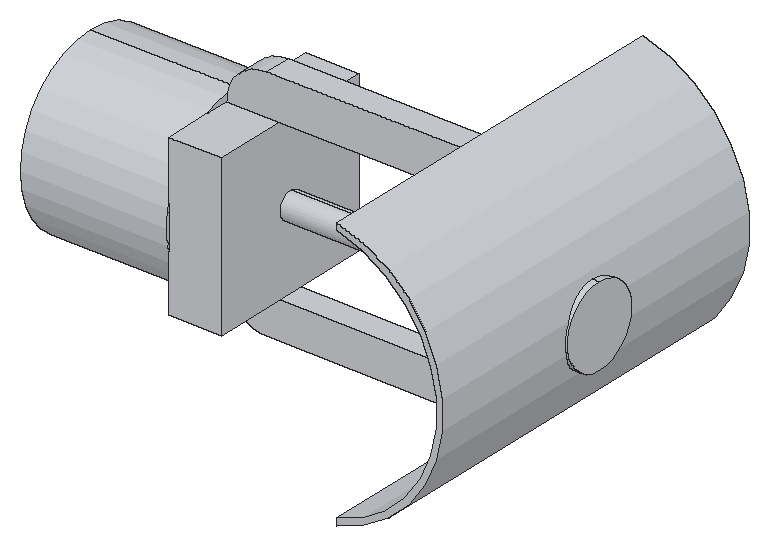
Revit family
Parameters (values of type "RASCO DH56")
  Temperature Rating = 155 °F
  Response = (empty or 0)
  RASCO SIN # = "RA1564"
  RASCO Part # = "DH561C"
  Pressure Rating = "250 PSI"
  Pressure Class = (empty or 0)
  Orifice Size = 1/2"
  Orifice = (empty or 0)
  Model = "DH56"
  Manufacturer = "RASCO"
  K-Factor = 5.6
  Diameter = 3/4"
  Description = "CHROME FINISH"
  Coverage = (empty or 0)
Reference planes (in)
  plane 1 "Center (Front/Back)": y = 0
  plane 2: z = 0
  plane 3 "Center (Left/Right)": x = 0
Nested families (in)
  nested 1: "RASCO- DH56" at (-1.19729, -7.05097, 1.17818) x (0, 0, -1) z (1, 0, 0), type "RASCO DH56"
Connectors (in)
  piping at (-1.19729, -7.05097, 1.17818)
    settings: on nested 1, index 1, connector radius 107/256", flow factor 0, pipe flow 0 GPM, pressure drop 0.00 psi, fitting loss kfactor 0, connector angle 0.00°, fixture units 0, flow configuration 0, flow direction 0, fitting loss method 0, system type 7, connector reference index -1, connector utility 0, adjustable connector no, is connector primary yes, fitting loss table "", connector description ""
Definition of nested family "RASCO- DH56"
  Parameters (values of type "RASCO DH56")
    Type Comments = ""
    Temperature Rating = 0 °F
    Response = (empty or 0)
    Pressure Rating = "0"
    Pressure Class = (empty or 0)
    Orifice Size = 0"
    Orifice = (empty or 0)
    Model = ""
    Manufacturer = ""
    K-Factor = 0
    Description = ""
    Coverage = (empty or 0)
    Assembly Code = ""
  Reference planes (in)
    plane 1 "Center (Front/Back)": y = 0
    plane 2: z = 0
    plane 3 "ref.2": z = 0.6875
    plane 4 "ref.3": z = 0.9375
    plane 5: x = -0.38065
    plane 6: x = 0.36935
    plane 7 "ref. side 1": y = 0.06402
    plane 8 "ref. side 2": y = -0.06098
    plane 9 "ref.4": z = 1.875
    plane 10 "ref.5": z = 2.3125
    plane 11 "ref.6": z = 2.378
  Forms (in)
    Extrusion 1, solid
      sketch origin (0, 0, 0) x (1, 0, 0) y (0, 1, 0)
        loop
          circle (0, 0) r 0.4175
      from 0 to 0.6875
    Extrusion 2, solid
      sketch origin (-0.12185, 0.05177, 0.6875) x (1, 0, 0) y (0, 1, 0)
        loop
          line (-0.2588, 0.356) -> (-0.2588, -0.4565) -> (0.4912, -0.4565) -> (0.4912, 0.356) -> (-0.2588, 0.356)
      from 0 to 0.25
    Extrusion 3, solid
      sketch origin (0, 0, 0) x (1, 0, 0) y (0, 0, 1)
        loop
          line (-0.38065, 0.68752) -> (-0.38065, 1.76416)
          arc (-0.38065, 1.76416) -> (-0.29541, 1.96995) -> (-0.08962, 2.05519) r 0.29103
          line (-0.08962, 2.05519) -> (0.07524, 2.05519)
          arc (0.07524, 2.05519) -> (0.28321, 1.96905) -> (0.36935, 1.76109) r 0.29411
          line (0.36935, 1.76109) -> (0.36935, 0.6882)
          arc (0.36935, 0.6882) -> (0.49296, 0.74898) -> (0.54293, 0.87734) r 0.18984
          line (0.54293, 0.87734) -> (0.54293, 1.86676)
          arc (0.54293, 1.86676) -> (0.41238, 2.18194) -> (0.09719, 2.3125) r 0.44574
          line (0.09719, 2.3125) -> (-0.12912, 2.3125)
          arc (-0.12912, 2.3125) -> (-0.44418, 2.182) -> (-0.57469, 1.86694) r 0.44556
          line (-0.57469, 1.86694) -> (-0.57469, 0.87876)
          arc (-0.57469, 0.87876) -> (-0.51768, 0.74254) -> (-0.38065, 0.68752) r 0.19126
      from -0.06402 to 0.06098
    Extrusion 4, solid
      sketch origin (0, 0, 0.9375) x (-1, 0, 0) y (0, -1, 0)
        loop
          circle (0.00574, -0.00152) r 0.0625
      from 0 to 1.07045
    Extrusion 5, solid
      sketch origin (0, 0, 1.875) x (-1, 0, 0) y (0, -1, 0)
        loop
          circle (0.00574, -0.00152) r 0.1875
      from 0.13295 to 0.51958
    Extrusion 6, solid
      sketch origin (0, 0, 0) x (1, 0, 0) y (0, 0, 1)
        loop
          arc (-0.62702, 1.88209) -> (-0.01911, 2.35421) -> (0.5888, 1.88209) r 0.62744
          line (0.5888, 1.88209) -> (0.61971, 1.88209)
          arc (0.61971, 1.88209) -> (-0.01911, 2.38421) -> (-0.65794, 1.88209) r 0.65744
          line (-0.65794, 1.88209) -> (-0.62702, 1.88209)
      from -0.89604 to 0.90264
  Cuts and joins
    joined: Extrusion 1, Extrusion 2, Extrusion 4
  Lines and regions (in)
    model lines
      curve 1: line (-0.00574, 0.06402, 1.875) -> (-0.00574, -0.06098, 1.875)
  Dimensions and locks (in)
    Extrusion 3 to Extrusion 3 = 0' - 1.11762"
    Extrusion 5 to cut or joined group of Extrusion 1, Extrusion 2, Extrusion 4 = 0' - 2.39458"
